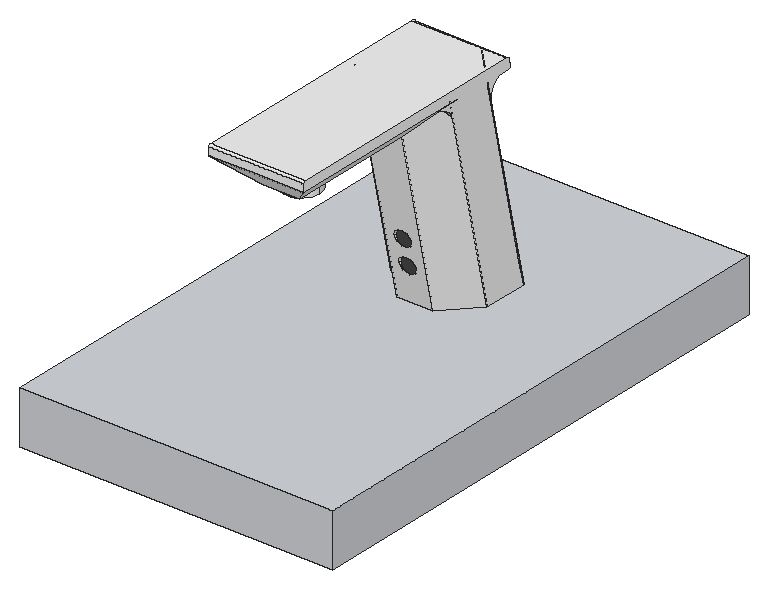
Revit family
Parameters (values of type "Chrome-Polished_Chrome-CP")
  Width = 0' - 2 7/16"
  WFU = 0
  URL = "http://www.us.kohler.com"
  Sensor Material = Sensor Glass
  Product Page URL = "http://www.us.kohler.com/onlinecatalog/detail.jsp?prod_num=13469"
  Product Documentation Link = "http://www.us.kohler.com/onlinecatalog/pdf/1126263_4.pdf"
  Model = "K-13469"  # constant formula
  Manufacturer = "Kohler"  # constant formula
  Length = 0' - 7 3/4"
  Installation = "Single-hole"  # constant formula
  Hot Water Radius = 3/16"
  Hot Water Diameter = Hot Water Radius * 2  # 3/8"
  Hot Water Connector = "Hot Water Connection"  # constant formula
  Height = 0' - 5 7/16"
  HWFU = 0
  HW Connection = yes
  Finish = Chrome-Kohler-CP-Polished Chrome
  Description = "GEOMETRIC TOUCHLESS™ DM FAUCET"  # constant formula
  Default Elevation = 0' - 0"
  Created By = "http://medialab3dstudio.com/"
  Cold Water Radius = 3/16"
  Cold Water Diameter = Cold Water Radius * 2  # 3/8"
  Cold Water Connector = "Cold Water Connection"  # constant formula
  CWFU = 0
  CW Connection = yes
  Assembly Code = "D2010"
Types (3): name | Finish
  (no name) | Chrome-Kohler-CP-Polished Chrome
  Chrome-Polished_Chrome-CP | Chrome-Kohler-CP-Polished Chrome
  Steel-Vibrant_Stainless-VS | Steel-Kohler-VS-Vibrant Stainless
Reference planes (in)
  plane 1 "Back": y = 0
  plane 2 "Bottom": z = 0
  plane 3 "Center (Left/Right)": x = 0
  plane 4 "Left": x = -1.21875
  plane 5 "Right": x = 1.21875
  plane 6 "Front": y = -7.75
  plane 7: z = 5.4375
  plane 8: y = -6.31997
  plane 9: x = 0
  plane 10: z = 4.43543
  plane 11: z = 5.18966
  plane 12: z = 4.43543
  plane 13: y = -2.86736
  plane 14: z = 5.18966
  plane 15: z = 4.63505
  plane 16: z = 5.15297
  plane 17: through (0, -1.20984, 5.39736) normal (0, -0.9757, -0.2193)
  plane 18: through (0, -1.94709, 5.39736) normal (0, -0.9757, -0.2193)
  plane 19: through (0, -3.1313, 5.39736) normal (0, -0.9757, -0.2193)
  plane 20: y = 0.14795
  plane 21: y = -2.69186
  plane 22: z = -0.75
  plane 23: through (0, -1.23293, 2.22557) normal (0, 0.9758, 0.2187)
  plane 24: y = -0.54791
  plane 25: y = -1.23293
  plane 26: through (0, -1.23293, 2.22557) normal (0, -0.9758, -0.2187)
  plane 27: y = -0.54791
  plane 28: y = -1.23293
  plane 29: y = -1.28314
  plane 30: y = -2.01863
  plane 31: y = -1.9184
  plane 32 "Center (Front/Back)": y = -3.85872
  plane 33: y = -3.62007
  plane 34: y = -2.95134
  plane 35: y = -1.77288
  plane 36: y = -1.33828
  plane 37: through (-1.22, -0.7342, 48) normal (-0.7239, 0.6899, 0)
  plane 38: through (1.22, -0.7342, 48) normal (-0.7239, -0.6899, 0)
  plane 39: through (-0.46452, -180, 4.43543) normal (-0.7071, 0, -0.7071)
  plane 40: through (0.46452, -180, 4.43543) normal (-0.7071, 0, 0.7071)
  plane 41: y = -1.3263
  plane 42: x = -0.13974
  plane 43: x = 0.13974
  plane 44: z = 4.43543
  plane 45: x = -0.46452
  plane 46: z = 5.18966
  plane 47: z = 2.0644
  plane 48: z = 4.27922
  plane 49: y = -5.8542
  plane 50: y = -6.78573
  plane 51: y = -0.57692
  plane 52: y = -0.57692
  plane 53: z = -0.78778
  plane 54: y = 0.22617
  plane 55: x = 0.32724
  plane 56: x = -0.32724
  plane 57: z = 0.23047
  plane 58: z = 5.21593
  plane 59: y = -1.16906
  plane 60: x = 0.46576
  plane 61: x = -0.46576
  plane 62: y = -6.94185
  plane 63: y = -6.32467
  plane 64: x = 1.71875
Forms (in)
  Extrusion 1, solid
    sketch origin (0, 0, 0) x (1, 0, 0) y (0, 1, 0)
      loop
        line (-4, 3) -> (-4, -10.31976) -> (3.99389, -10.31976) -> (3.99389, 3) -> (-4, 3)
    from 0 to -1.35077
  Extrusion 2, solid, material "Chrome-Kohler-CP-Polished Chrome" <- "Finish", detail levels fine
    sketch origin (0, 0, 0) x (0, 1, 0) y (0, 0, 1)
      loop
        line (-0.7342, 0) -> (-1.77288, 4.63505)
        arc (-1.77288, 4.63505) -> (-1.68365, 5.00148) -> (-1.33828, 5.15297) r 0.42536
        line (-1.33828, 5.15297) -> (-1.22005, 5.15297)
        arc (-1.22005, 5.15297) -> (-1.17954, 5.17229) -> (-1.16906, 5.21593) r 0.05212
        line (-1.16906, 5.21593) -> (-1.20984, 5.39736)
        arc (-1.20984, 5.39736) -> (-1.22785, 5.42621) -> (-1.25993, 5.4375) r 0.05141
        line (-1.25993, 5.4375) -> (-7.69863, 5.4375)
        arc (-7.69863, 5.4375) -> (-7.73495, 5.42245) -> (-7.75, 5.38613) r 0.05137
        line (-7.75, 5.38613) -> (-7.75, 5.18966) -> (-3.62007, 5.18966)
        arc (-3.62007, 5.18966) -> (-3.18567, 5.03297) -> (-2.95134, 4.63505) r 0.68046
        line (-2.95134, 4.63505) -> (-1.9184, 0) -> (-0.7342, 0)
    from -1.21875 to 1.21875
  Extrusion 3, solid, material "Chrome-Kohler-CP-Polished Chrome" <- "Finish", detail levels fine
    sketch origin (0, 0, 0.25897) x (1, 0, 0) y (0, 0, 1)
      loop
        line (-1.21875, 4.93069) -> (-0.46452, 4.17646) -> (0, 4.17646) -> (0.46452, 4.17646) -> (1.21875, 4.93069) -> (0, 4.93069) -> (-1.21875, 4.93069)
    from 2.86736 to 7.75
  Extrusion 4, void
    sketch origin (0, 0.74619, 0) x (0, 1, 0) y (0, 0, 1)
      loop
        line (-8.49619, 5.18966) -> (-8.49619, 4.43543) -> (-7.68804, 4.43543) -> (-8.49619, 5.18966)
    from -1.21875 to 1.21875
  Extrusion 5, solid, material "Chrome-Kohler-CP-Polished Chrome" <- "Finish", detail levels fine
    sketch origin (0, -6.09131, -3.8885) x (1, 0, 0) y (0, 0.975149, 0.221549)
      loop
        line (-1.21875, 4.93069) -> (-0.46576, 4.17646) -> (0.46576, 4.17646) -> (1.21875, 4.93069) -> (-1.21875, 4.93069)
    from 2.86736 to 8.30557
  Sweep 6, solid, material "Chrome-Kohler-CP-Polished Chrome" <- "Finish", detail levels fine
    path origin (0, 0, 0) x (0, 1, 0) y (0, 0, 1)
      loop
        line (-0.57692, -0.70182) -> (-1.89716, 5.18966)
    profile origin (0, -1.23704, 2.24392) x (0, -0.975799, -0.218669) y (1, 0, 0)
      loop
        line (0, -1.22) -> (0, 0) -> (-0.70201, 0) -> (-0.70201, -0.53442) -> (0, -1.22)
  Extrusion 7, void
    sketch origin (0, 0, 0) x (0, 1, 0) y (0, 0, 1)
      loop
        line (0.14795, 0) -> (-2.69186, 0) -> (-2.69186, -0.75) -> (0.14795, -0.75) -> (0.14795, 0)
    from -1.21875 to 1.21875
  Extrusion 8, solid, material "Chrome-Kohler-CP-Polished Chrome" <- "Finish", detail levels fine
    sketch origin (0, 0.44273, 0) x (1, 0, 0) y (0, 1, 0)
      loop
        arc (0, -6.29694) -> (-0.32935, -6.43336) -> (-0.46576, -6.7627) r 0.46576
        arc (-0.46576, -6.7627) -> (-0.32935, -7.09205) -> (0, -7.22847) r 0.46576
        arc (0, -7.22847) -> (0.32935, -7.09205) -> (0.46576, -6.7627) r 0.46576
        arc (0.46576, -6.7627) -> (0.32935, -6.43336) -> (0, -6.29694) r 0.46576
    from 4.27922 to 4.43543
  Extrusion 9, void
    sketch origin (0, 0.61402, 0) x (1, 0, 0) y (0, 1, 0)
      loop
        arc (0, -6.57489) -> (-0.25725, -6.68144) -> (-0.3638, -6.93869) r 0.3638
        arc (-0.3638, -6.93869) -> (-0.25725, -7.19594) -> (0, -7.30249) r 0.3638
        arc (0, -7.30249) -> (0.25725, -7.19594) -> (0.3638, -6.93869) r 0.3638
        arc (0.3638, -6.93869) -> (0.25725, -6.68144) -> (0, -6.57489) r 0.3638
    from 4.27922 to 4.43543
  Sweep 10, solid, material "Chrome-Kohler-CP-Polished Chrome" <- "Finish", detail levels fine
    path origin (0, 0, 0) x (0, 1, 0) y (0, 0, -1)
      loop
        line (-0.57692, 0.70182) -> (-1.89716, -5.18966)
    profile origin (0, -1.23704, 2.24392) x (0, 0.975799, 0.218669) y (-1, 0, 0)
      loop
        line (0, -1.22) -> (0.70201, -0.53442) -> (0.70201, 0) -> (0, 0) -> (0, -1.22)
  Extrusion 11, void
    sketch origin (0, 0, 0) x (0, 1, 0) y (0, 0, 1)
      loop
        line (0.22617, 0) -> (-1.9184, 0) -> (-1.9184, -0.78778) -> (0.22617, -0.78778) -> (0.22617, 0)
    from -1.21875 to 1.21875
  Extrusion 12, void
    sketch origin (0, 0, 0) x (1, 0, 0) y (0, 1, 0)
      loop
        arc (0.13974, -1.3263) -> (0.19466, -1.45888) -> (0.32724, -1.5138) r 0.1875
        arc (0.32724, -1.5138) -> (0.45982, -1.45888) -> (0.51474, -1.3263) r 0.1875
        arc (0.51474, -1.3263) -> (0.45982, -1.19372) -> (0.32724, -1.1388) r 0.1875
        arc (0.32724, -1.1388) -> (0.19466, -1.19372) -> (0.13974, -1.3263) r 0.1875
      loop
        arc (-0.51474, -1.3263) -> (-0.45982, -1.45888) -> (-0.32724, -1.5138) r 0.1875
        arc (-0.32724, -1.5138) -> (-0.19466, -1.45888) -> (-0.13974, -1.3263) r 0.1875
        arc (-0.13974, -1.3263) -> (-0.19466, -1.19372) -> (-0.32724, -1.1388) r 0.1875
        arc (-0.32724, -1.1388) -> (-0.45982, -1.19372) -> (-0.51474, -1.3263) r 0.1875
    from 0 to 0.23047
  Extrusion 13, void
    sketch origin (2.35546, 0, -0.08746) x (1, 0, 0) y (0, 0, 1)
      loop
        circle (-2.35546, 1.05621) r 0.21875
    from 2.6121 to 3.18249
  Extrusion 14, void
    sketch origin (2.35546, 0, 0.60004) x (1, 0, 0) y (0, 0, 1)
      loop
        circle (-2.35546, 1.05621) r 0.21875
    from 2.76792 to 3.27513
  Extrusion 15, solid, material "Sensor Glass" <- "Sensor Material", detail levels fine
    sketch origin (2.35546, 0, -0.52093) x (1, 0, 0) y (0, 0, 1)
      loop
        circle (-2.35546, 1.48968) r 0.21875
    from 2.6121 to 2.86197
  Extrusion 16, solid, material "Sensor Glass" <- "Sensor Material", detail levels fine
    sketch origin (2.35546, 0, 0.16657) x (1, 0, 0) y (0, 0, 1)
      loop
        circle (-2.35546, 1.48968) r 0.21875
    from 2.76792 to 3.0178
  Extrusion 17, solid, material "Chrome-Kohler-CP-Polished Chrome" <- "Finish", detail levels coarse+medium
    sketch origin (0, 0, 0) x (1, 0, 0) y (0, 1, 0)
      loop
        line (-1.21875, 0) -> (-1.21875, -7.75) -> (1.21875, -7.75) -> (1.21875, 0) -> (-1.21875, 0)
    from 0 to 5.4375
Cuts and joins
  Extrusion 4 cuts Extrusion 3
  Extrusion 9 cuts Extrusion 8
  Extrusion 7, Extrusion 12 cuts Extrusion 2
  Extrusion 11 cuts Sweep 6
  Extrusion 11 cuts Sweep 10
  joined: Sweep 6, Sweep 10
  Extrusion 7, Extrusion 13, Extrusion 14 cuts Extrusion 5
Lines and regions (in)
  Masking region 1, detail levels coarse
    outline origin (0, 0, 0) x (1, 0, 0) y (0, 0, 1)
      loop
        line (-1.21875, 5.4375) -> (-1.21875, 0) -> (1.21875, 0) -> (1.21875, 5.4375) -> (-1.21875, 5.4375)
  Masking region 2, detail levels medium+fine
    outline origin (0, -3.85872, 0) x (1, 0, 0) y (0, 0, 1)
      loop
        line (-1.21875, 5.4375) -> (-1.21875, 0) -> (1.21875, 0) -> (1.21875, 5.4375) -> (-1.21875, 5.4375)
  Masking region 3, detail levels coarse
    outline origin (0, 0, 0) x (1, 0, 0) y (0, 1, 0)
      loop
        line (-1.21875, 0) -> (-1.21875, -7.75) -> (1.21875, -7.75) -> (1.21875, 0) -> (-1.21875, 0)
  Masking region 4, detail levels medium+fine
    outline origin (0, 0, 0) x (1, 0, 0) y (0, 1, 0)
      loop
        line (-0.52034, 0) -> (-1.21875, -0.73289) -> (-1.21875, -7.75) -> (1.21875, -7.75) -> (1.21875, -0.73289) -> (0.52034, 0) -> (-0.52034, 0)
  Masking region 5, detail levels coarse
    outline origin (0, 0, 0) x (0, 1, 0) y (0, 0, 1)
      loop
        line (0, 5.4375) -> (-7.75, 5.4375) -> (-7.75, 0) -> (0, 0) -> (0, 5.4375)
  Masking region 6, detail levels medium+fine
    outline origin (0, 0, 0) x (0, 1, 0) y (0, 0, 1)
      loop
        line (-0.01477, 0) -> (-1.17523, 5.17848)
        arc (-1.17523, 5.17848) -> (-1.16862, 5.19662) -> (-1.16906, 5.21593) r 0.05212
        line (-1.16906, 5.21593) -> (-1.20984, 5.39736)
        arc (-1.20984, 5.39736) -> (-1.22785, 5.42621) -> (-1.25993, 5.4375) r 0.05141
        line (-1.25993, 5.4375) -> (-7.69863, 5.4375)
        arc (-7.69863, 5.4375) -> (-7.73495, 5.42245) -> (-7.75, 5.38613) r 0.05137
        line (-7.75, 5.38613) -> (-7.75, 5.1882) -> (-6.94185, 4.43543) -> (-6.78573, 4.43543) -> (-6.78573, 4.27922) -> (-5.85501, 4.27922) -> (-5.85501, 4.43543) -> (-3.69956, 4.43543) -> (-2.69186, 0) -> (-0.01477, 0)
  symbolic lines, style "Masking Lines", detail levels medium+fine
    curve 1: line (-1.21875, -7.75, 5.18966) -> (-0.46452, -7.75, 4.43543)
    curve 2: line (-0.46452, -7.75, 4.43543) -> (0.46701, -7.75, 4.43543)
    curve 3: line (0.46701, -7.75, 4.43543) -> (1.22, -7.75, 5.18966)
    curve 4: line (1.22, -7.75, 5.18966) -> (-1.21875, -7.75, 5.18966)
    curve 18: line (1.21875, 0, 5.18966) -> (-1.21875, 0, 5.18966)
  symbolic lines, style "Masking Lines", detail levels fine
    curve 5: line (-0.36255, -7.75, 4.43543) -> (-0.36255, -7.75, 4.27922)
    curve 6: line (-0.36255, -7.75, 4.27922) -> (0.36505, -7.75, 4.27922)
    curve 7: line (0.36505, -7.75, 4.27922) -> (0.36505, -7.75, 4.43543)
    curve 8: line (-0.46452, -7.75, 4.43543) -> (-0.46452, -7.75, 0)
    curve 9: line (0.46701, -7.75, 0) -> (0.46701, -7.75, 4.43543)
    curve 10: arc (0, -1.21847, 5.15297) -> (0, -1.19269, 5.1598) -> (0, -1.17366, 5.17848) r 0.05212
    curve 11: line (0, -1.33671, 5.15297) -> (0, -1.21847, 5.15297)
    curve 12: arc (0, -1.7713, 4.63505) -> (0, -1.68208, 5.00148) -> (0, -1.33671, 5.15297) r 0.42536
    curve 13: line (0, -0.73263, 0) -> (0, -1.7713, 4.63505)
    curve 14: line (0, -2.94137, 4.57192) -> (0, -1.91683, 0)
    curve 15: arc (0, -3.61849, 5.18966) -> (0, -3.16021, 5.01202) -> (0, -2.94137, 4.57192) r 0.67998
    curve 16: line (0, -3.61849, 5.18966) -> (0, -7.75, 5.18966)
    curve 17: line (0, -5.8542, 4.43543) -> (0, -6.78573, 4.43543)
    curve 19: line (0.53442, -1.16906, 0) -> (1.21875, -1.16906, 0)
    curve 20: line (-0.53442, -0.01477, 0) -> (-0.53442, -1.16906, 0)
    curve 21: line (0.53442, -1.16906, 0) -> (0.53442, -0.01477, 0)
    curve 22: line (-0.53442, -1.16906, 0) -> (0.53442, -1.16906, 0)
    curve 23: line (-1.21875, -1.16906, 0) -> (-0.53442, -1.16906, 0)
    curve 24: arc (0.21875, -7.75, 1.65625) -> (0, -7.75, 1.875) -> (-0.21875, -7.75, 1.65625) r 0.21875
    curve 25: arc (-0.21875, -7.75, 1.65625) -> (0, -7.75, 1.4375) -> (0.21875, -7.75, 1.65625) r 0.21875
    curve 26: arc (0.21875, -7.75, 0.96875) -> (0, -7.75, 1.1875) -> (-0.21875, -7.75, 0.96875) r 0.21875
    curve 27: arc (-0.21875, -7.75, 0.96875) -> (0, -7.75, 0.75) -> (0.21875, -7.75, 0.96875) r 0.21875
Dimensions and locks (in)
  equal spacing: plane 4 "Left", plane 3 "Center (Left/Right)", plane 5 "Right"
  "Height": plane 7 to plane 2 "Bottom"
  locked: plane 8 to plane 6 "Front" at 1.43003
  locked: plane 1 "Back" to plane 13 at 2.86736
  locked: plane 18 to plane 17 at 0.71931
  locked: plane 19 to plane 18 at 1.15539
  locked: plane 7 to plane 16 at 0.28453
  locked: plane 16 to plane 14 at 0.03669
  locked: plane 15 to plane 16 at 0.51793
  locked: plane 13 to plane 30 at 0.84873
  locked: plane 29 to plane 1 "Back" at 1.28314
  plane 13 to plane 31 = 0' - 0.94896"
  plane 32 "Center (Front/Back)" to plane 13 = 0' - 0.99136"
  locked: plane 33 to plane 32 "Center (Front/Back)" at 0.23866
  locked: plane 34 to plane 33 at 0.66873
  locked: plane 35 to plane 31 at 0.14553
  locked: plane 36 to plane 35 at 0.43459
  "Length": plane 1 "Back" to plane 6 "Front"
  locked: plane 41 to plane 1 "Back" at 1.3263
  plane 42 to plane 3 "Center (Left/Right)" = 0' - 0.13974"
  plane 3 "Center (Left/Right)" to plane 43 = 0' - 0.13974"
  level to Masking region 2 = 0' - 5 7/16"
  locked: plane 47 to plane 2 "Bottom" at 2.0644
  locked: plane 48 to plane 2 "Bottom" at 4.27922
  plane 50 to plane 6 "Front" = 0' - 0.96427"
  locked: plane 49 to plane 6 "Front" at 1.8958
  locked: plane 1 "Back" to plane 51 at 0.57692
  locked: plane 1 "Back" to plane 52 at 0.57692
  locked: plane 54 to plane 1 "Back" at 0.22617
  locked: plane 2 "Bottom" to plane 53 at 0.78778
  plane 4 "Left" to plane 61 to plane 60 = 0' - 0.75299" locked, 0' - 0.93153" locked
  locked: plane 62 to plane 6 "Front" at 0.80815
  equal spacing: plane 5 "Right", plane 3 "Center (Left/Right)", plane 4 "Left"
  "Width": plane 4 "Left" to plane 5 "Right"
  "Cold Water Radius": radius of Extrusion 12 sketch curve
  "Hot Water Radius": radius of Extrusion 12 sketch curve
  locked: plane 23 to plane 1 "Back" (angle 12.6309°)
  locked: plane 37 to plane 4 "Left" (angle 43.6201°)
  locked: plane 5 "Right" to plane 38 (angle 43.6201°)
  aligned and locked: plane 2 "Bottom" to Extrusion 1
  aligned and locked: level to Extrusion 1
  aligned and locked: Extrusion 2 to plane 4 "Left"
  aligned and locked: Extrusion 2 to plane 5 "Right"
  aligned and locked: Extrusion 7 to plane 4 "Left"
  aligned and locked: Extrusion 7 to plane 5 "Right"
  aligned and locked: Masking region 1 sketch curve to plane 7
  aligned and locked: plane 2 "Bottom" to Masking region 1 sketch curve
  aligned and locked: plane 4 "Left" to Masking region 1 sketch curve
  aligned and locked: plane 1 "Back" to Masking region 3 sketch curve
  aligned and locked: plane 6 "Front" to Masking region 3 sketch curve
  aligned and locked: plane 4 "Left" to Masking region 3 sketch curve
  aligned and locked: Masking region 5 sketch curve to plane 7
  aligned and locked: plane 6 "Front" to Masking region 5 sketch curve
  aligned and locked: plane 2 "Bottom" to Masking region 5 sketch curve
  aligned and locked: plane 1 "Back" to Masking region 5 sketch curve
  aligned and locked: plane 3 "Center (Left/Right)" to plane 9
  aligned and locked: plane 9 to Extrusion 8 sketch curve  (x2)
  aligned and locked: plane 8 to Extrusion 8 sketch curve  (x2)
  aligned and locked: Extrusion 4 sketch curve to plane 10
  aligned and locked: Extrusion 4 to plane 5 "Right"
  aligned and locked: Extrusion 4 to plane 4 "Left"
  aligned and locked: Extrusion 2 sketch curve to plane 7
  aligned and locked: plane 7 to Extrusion 2 sketch curve
  aligned and locked: plane 2 "Bottom" to Extrusion 2 sketch curve
  aligned and locked: Extrusion 2 sketch curve to plane 14
  aligned and locked: plane 14 to Extrusion 2 sketch curve
  aligned and locked: Extrusion 2 sketch curve to plane 16
  aligned and locked: Extrusion 7 sketch curve to level
  aligned and locked: plane 21 to Extrusion 7 sketch curve
  aligned and locked: Extrusion 7 sketch curve to plane 22
  aligned and locked: Extrusion 7 sketch curve to plane 20
  aligned and locked: Sweep 6 sketch curve to plane 23
  aligned: plane 24 to Sweep 6 sketch curve
  aligned: plane 25 to Sweep 6 sketch curve
  aligned: Sweep 6 sketch curve to plane 3 "Center (Left/Right)"
  aligned and locked: Sweep 10 sketch curve to plane 26
  aligned and locked: plane 29 to Extrusion 5 sketch curve  (x3)
  aligned and locked: plane 30 to Extrusion 5 sketch curve  (x3)
  aligned and locked: plane 15 to Extrusion 2 sketch curve  (x2)
  aligned and locked: plane 16 to Extrusion 2 sketch curve
  aligned and locked: plane 17 to Extrusion 2 sketch curve  (x2)
  aligned and locked: plane 6 "Front" to Extrusion 2 sketch curve
  aligned and locked: plane 33 to Extrusion 2 sketch curve
  aligned and locked: plane 34 to Extrusion 2 sketch curve
  aligned and locked: plane 35 to Extrusion 2 sketch curve
  aligned and locked: plane 36 to Extrusion 2 sketch curve
  aligned and locked: plane 5 "Right" to Masking region 2 sketch curve
  aligned and locked: Masking region 2 sketch curve to plane 7
  aligned and locked: Masking region 2 sketch curve to plane 4 "Left"
  aligned and locked: level to Masking region 2 sketch curve
  aligned and locked: plane 5 "Right" to Masking region 1 sketch curve
  aligned and locked: plane 5 "Right" to Masking region 3 sketch curve
  aligned and locked: plane 5 "Right" to Masking region 4 sketch curve
  aligned and locked: plane 6 "Front" to Masking region 4 sketch curve
  aligned and locked: plane 4 "Left" to Masking region 4 sketch curve
  aligned and locked: Masking region 4 sketch curve to plane 1 "Back"
  aligned and locked: plane 37 to Masking region 4 sketch curve
  aligned and locked: plane 38 to Masking region 4 sketch curve
  aligned and locked: plane 11 to Extrusion 3 sketch curve  (x2)
  aligned and locked: Extrusion 3 sketch curve to plane 39
  aligned and locked: plane 40 to Extrusion 3 sketch curve
  aligned and locked: curve 4 to curve 18
  aligned and locked: cut or joined group of Extrusion 3, Extrusion 4 to plane 44
  aligned and locked: plane 45 to curve 8
  aligned and locked: curve 2 to plane 44
  aligned and locked: plane 5 "Right" to curve 18
  aligned and locked: plane 4 "Left" to curve 18
  aligned and locked: curve 16 to plane 46
  aligned and locked: plane 6 "Front" to curve 16
  aligned and locked: cut or joined group of Extrusion 3, Extrusion 4 to plane 13
  aligned and locked: cut or joined group of Extrusion 3, Extrusion 4 to plane 6 "Front"
  aligned and locked: Extrusion 9 to plane 48
  aligned and locked: plane 44 to Extrusion 9
  aligned and locked: curve 17 to plane 44
  aligned and locked: plane 49 to curve 17
  aligned and locked: plane 50 to curve 17
  aligned and locked: plane 46 to Sweep 6 sketch curve
  aligned and locked: plane 51 to Sweep 6 sketch curve
  aligned and locked: plane 46 to Sweep 10 sketch curve
  aligned and locked: plane 52 to Sweep 10 sketch curve
  aligned and locked: plane 31 to Extrusion 11 sketch curve
  aligned and locked: Extrusion 11 sketch curve to plane 53
  aligned and locked: Extrusion 11 sketch curve to plane 54
  aligned and locked: Extrusion 11 to plane 4 "Left"
  aligned and locked: Extrusion 11 to plane 5 "Right"
  aligned and locked: plane 41 to Extrusion 12 sketch curve  (x4)
  aligned and locked: plane 55 to Extrusion 12 sketch curve  (x2)
  aligned and locked: plane 56 to Extrusion 12 sketch curve  (x2)
  aligned and locked: plane 57 to Extrusion 12
  aligned and locked: plane 58 to Extrusion 2 sketch curve
  aligned and locked: plane 59 to Masking region 6
  aligned and locked: plane 3 "Center (Left/Right)" to Sweep 6
  aligned and locked: plane 4 "Left" to Extrusion 5 sketch curve
  aligned and locked: plane 5 "Right" to Extrusion 5 sketch curve
  aligned and locked: plane 61 to Extrusion 5 sketch curve
  aligned and locked: plane 60 to Extrusion 5 sketch curve
  aligned and locked: plane 3 "Center (Left/Right)" to Extrusion 3 sketch curve  (x2)
  aligned and locked: Extrusion 3 sketch curve to plane 12
  aligned and locked: plane 10 to Extrusion 4 sketch curve
  aligned and locked: plane 62 to Extrusion 4 sketch curve
  aligned and locked: plane 6 "Front" to Extrusion 4 sketch curve
  aligned and locked: plane 46 to Extrusion 4 sketch curve
  aligned and locked: plane 3 "Center (Left/Right)" to Extrusion 9 sketch curve  (x2)
  aligned and locked: plane 63 to Extrusion 9 sketch curve  (x2)
  aligned and locked: plane 44 to cut or joined group of Extrusion 8, Extrusion 9
  aligned and locked: cut or joined group of Extrusion 8, Extrusion 9 to plane 48
  aligned and locked: plane 2 "Bottom" to Extrusion 11
Automatic sketch dimensions
  Sweep 6 sketch curve to plane 3 "Center (Left/Right)" = 0' - 0"
  Sweep 6 sketch curve to profile plane = 0' - 0"
  profile plane to Sweep 6 sketch curve = 0' - 0.70201"
  Sweep 6 sketch curve to plane 3 "Center (Left/Right)" = 0' - 0.53442"
  Sweep 6 sketch curve to Sweep 6 sketch curve = 0' - 0.68558"
  Extrusion 5 sketch curve to plane 4 "Left" = 0' - 0"
  Extrusion 5 sketch curve to plane 5 "Right" = 0' - 0"
  Extrusion 5 sketch curve to plane 3 "Center (Left/Right)" = 0' - 0.46576"
  plane 3 "Center (Left/Right)" to Extrusion 5 sketch curve = 0' - 0.46576"
  Extrusion 5 sketch curve to Extrusion 5 sketch curve = 0' - 0.75423"
  curve 23 to plane 4 "Left" = 0' - 0"
  curve 19 to plane 5 "Right" = 0' - 0"
  plane 1 "Back" to curve 20 = 0' - 0.01477"
  plane 45 to curve 20 = 0' - 0.0699"
  plane 1 "Back" to curve 21 = 0' - 0.01477"
  curve 21 to plane 43 = 0' - 0.39468"
  curve 22 to plane 41 = 0' - 0.15724"
  curve 16 to plane 6 "Front" = 0' - 0"
  curve 16 to plane 46 = 0' - 0"
  curve 14 to level = 0' - 0"
  curve 13 to level = 0' - 0"
  curve 16 to plane 32 "Center (Front/Back)" = 0' - 0.24023"
  plane 13 to curve 15 = 0' - 0.074"
  curve 14 to plane 31 = 0' - 0.00157"
  curve 13 to plane 31 = 0' - 0.1471"
  plane 41 to curve 12 = 0' - 0.02994"
  plane 41 to curve 12 = 0' - 0.01041"
  curve 11 to plane 46 = 0' - 0.03669"
  curve 11 to plane 41 = 0' - 0.10783"
  curve 10 to plane 46 = 0' - 0.01118"
  curve 10 to curve 10 = 0' - 0.04482"
  curve 13 to plane 41 = 0' - 0.59368"
  curve 15 to curve 15 = 0' - 0.67998"
  plane 44 to curve 13 = 0' - 0.19962"
  Extrusion 1 sketch curve to Extrusion 1 sketch curve = 0' - 7.99389"
  Extrusion 1 sketch curve to Extrusion 1 sketch curve = 1' - 1.31976"
  plane 19 to Extrusion 2 sketch curve = 0' - 0"
  plane 18 to Extrusion 2 sketch curve = 0' - 0"
  plane 6 "Front" to Extrusion 2 sketch curve = 0' - 0.05137"
  Extrusion 2 sketch curve to plane 36 = 0' - 0 5/256"
  Extrusion 2 sketch curve to plane 7 = 0' - 0.05141"
  Extrusion 2 sketch curve to Extrusion 2 sketch curve = 0' - 0.09093"
  plane 58 to Extrusion 2 sketch curve = 0' - 0.01084"
  Extrusion 2 sketch curve to plane 7 = 0' - 0.04014"
  plane 50 to Extrusion 8 sketch curve = 0' - 0"
  Extrusion 9 sketch curve to plane 45 = 0' - 0.10071"
  Masking region 6 sketch curve to plane 6 "Front" = 0' - 0"
  Masking region 6 sketch curve to plane 7 = 0' - 0"
  Masking region 6 sketch curve to plane 44 = 0' - 0"  (x2)
  Masking region 6 sketch curve to plane 50 = 0' - 0"
  Masking region 6 sketch curve to plane 48 = 0' - 0"
  Masking region 6 sketch curve to level = 0' - 0"
  plane 6 "Front" to Masking region 6 sketch curve = 0' - 0.05137"
  plane 50 to Masking region 6 sketch curve = 0' - 0.15612"
  plane 49 to Masking region 6 sketch curve = 0' - 0.00081"
  Masking region 6 sketch curve to plane 32 "Center (Front/Back)" = 0' - 0.15916"
  Masking region 6 sketch curve to plane 13 = 0' - 0.1755"
  Masking region 6 sketch curve to plane 41 = 0' - 0.06631"
  Masking region 6 sketch curve to Masking region 6 sketch curve = 0' - 0.00007"
  plane 46 to Masking region 6 sketch curve = 0' - 0.01543"
  Masking region 6 sketch curve to plane 41 = 0' - 0.10625"
  Masking region 6 sketch curve to plane 7 = 0' - 0.04014"
  Masking region 6 sketch curve to Masking region 6 sketch curve = 0' - 0.05016"
  Masking region 6 sketch curve to plane 46 = 0' - 0.01118"
  Masking region 6 sketch curve to Masking region 6 sketch curve = 0' - 0.04482"
  plane 46 to Masking region 6 sketch curve = 0' - 0.02627"
  plane 1 "Back" to Masking region 6 sketch curve = 0' - 0.01477"
  Masking region 6 sketch curve to plane 46 = 0' - 0.00146"
  profile plane to Sweep 10 sketch curve = 0' - 0"
  Sweep 10 sketch curve to profile plane = 0' - 0"
  Sweep 10 sketch curve to profile plane = 0' - 0.70201"
  Sweep 10 sketch curve to profile plane = 0' - 0.53442"
  Sweep 10 sketch curve to Sweep 10 sketch curve = 0' - 0.68558"
  curve 3 to plane 46 = 0' - 0"
  curve 2 to plane 44 = 0' - 0"
  curve 9 to level = 0' - 0"
  curve 7 to plane 48 = 0' - 0"
  plane 45 to curve 2 = 0' - 0"
  curve 1 to plane 4 "Left" = 0' - 0"
  curve 8 to level = 0' - 0"
  curve 5 to plane 45 = 0' - 0.10196"
  curve 7 to plane 43 = 0' - 0.22531"
  curve 9 to plane 43 = 0' - 0.32727"
  curve 4 to plane 5 "Right" = 0' - 0.00125"
  Extrusion 11 sketch curve to level = 0' - 0"
  Extrusion 13 sketch curve to plane 3 "Center (Left/Right)" = 0' - 0"
  Extrusion 14 sketch curve to plane 3 "Center (Left/Right)" = 0' - 0"
  Extrusion 15 sketch curve to plane 3 "Center (Left/Right)" = 0' - 0"
  Extrusion 16 sketch curve to plane 3 "Center (Left/Right)" = 0' - 0"
  Extrusion 14 sketch curve to plane 47 = 0' - 0.40815"
  Extrusion 16 sketch curve to plane 47 = 0' - 0.40815"
  plane 57 to Extrusion 13 sketch curve = 0' - 0 189/256"
  plane 57 to Extrusion 15 sketch curve = 0' - 0 189/256"
  curve 24 to plane 3 "Center (Left/Right)" = 0' - 0"
  curve 25 to plane 43 = 0' - 0.07901"
  curve 24 to plane 47 = 0' - 0.40815"
  curve 27 to plane 3 "Center (Left/Right)" = 0' - 0"
  curve 27 to plane 43 = 0' - 0.07901"
  curve 26 to curve 25 = 0' - 0 11/16"
  Extrusion 17 sketch curve to plane 4 "Left" = 0' - 0"
  Extrusion 17 sketch curve to plane 6 "Front" = 0' - 0"
  plane 64 to Extrusion 17 sketch curve = 0' - 0 1/2"
  plane 1 "Back" to Extrusion 17 sketch curve = 0' - 0"
  radius of Extrusion 13 sketch curve = 0' - 0 7/32"
  radius of Extrusion 14 sketch curve = 0' - 0 7/32"
  radius of Extrusion 15 sketch curve = 0' - 0 7/32"
  radius of Extrusion 16 sketch curve = 0' - 0 7/32"
Connectors (in)
  piping at (0.32724, -1.3263, 0), driven by "CW Connection", driven by "Cold Water Connector", driven by "CWFU", driven by "Cold Water Radius"
    settings: on cut or joined group of Extrusion 2, Extrusion 7, Extrusion 12, index 1, connector radius 3/16", flow factor 0, pipe flow 0.0 GPM, pressure drop 0.00 psi, fitting loss kfactor 0, connector angle 0.00°, fixture units 0, flow configuration 3, flow direction 1, fitting loss method 0, system type 20, connector reference index -1, connector utility 1, adjustable connector no, is connector primary yes, fitting loss table "", connector description "Cold Water Connection"
  piping at (-0.32724, -1.3263, 0), driven by "HW Connection", driven by "Hot Water Connector", driven by "HWFU", driven by "Hot Water Radius"
    settings: on cut or joined group of Extrusion 2, Extrusion 7, Extrusion 12, index 2, connector radius 3/16", flow factor 0, pipe flow 0.0 GPM, pressure drop 0.00 psi, fitting loss kfactor 0, connector angle 0.00°, fixture units 0, flow configuration 3, flow direction 1, fitting loss method 0, system type 19, connector reference index -1, connector utility 1, adjustable connector no, is connector primary no, fitting loss table "", connector description "Hot Water Connection"
